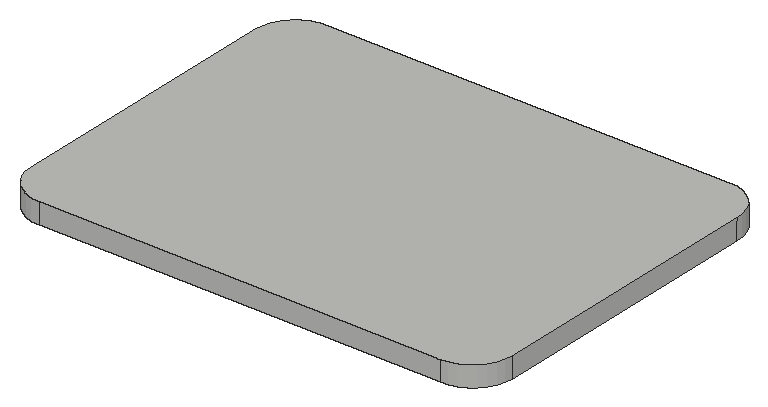
Revit family "Storage-Beam_Mounted-JNBBW_Shelf-Teknion-R20151", category Furniture Systems, Revit 2015
Parameters (values of type "18" Depth")
  Width [instance] = 24.000"
  Warranty = "http://www.teknion.com/ca/papers/legal-canada"
  Unit Weight URL = "http://www.teknion.com/ca/tools/assets#&asset=bee6a381-b954-425e-8283-5a2de3a804f2,f828d448-4b62-4231-9e5f-9a8991c0ed77"
  URL = "www.teknion.com"
  Sustainability Data = "http://www.teknion.com/ca/tools/assets#&topic=216f99a5-57a0-44fc-b10a-9dee9b29ae4c&asset=444deb64-fe58-4b68-981e-f75e97781df7"
  Shelf Finish [instance] = Source Laminate - Teknion - RV - Very White
  Series = "Expansion Cityline"  # constant formula
  Product Page URL = "http://www.teknion.com/ca/products/product-details?productlineid=9ad2a26e-8e7a-673b-a6c8-ff05004460c4"
  Product Line = "Expansion Cityline"  # constant formula
  Product Documentation Link = "http://www.teknion.com/pricing/expansion-cityline/pdfs/jnbbw_ppg.pdf"
  Part Number = "JNBBW"  # constant formula
  Model = "JNBBW18_"  # constant formula
  Manufacturer Phone = "416-661-3370"  # constant formula
  Manufacturer Fax = "416.661.4586"  # constant formula
  Manufacturer Contact Information = "http://www.teknion.com/ca/contactus"
  Manufacturer Address = "1150 Flint Road, Toronto, ON. M3J 2J5. Canada"  # constant formula
  Manufacturer = "Teknion"  # constant formula
  Description = "Beam-Mounted Shelf, 18\"w"
  Depth = 18.000"
  Available Widths [instance] = "24, 30, 36, 42, 48, 54, 60, 66, 72, 78, and 84 inches."  # constant formula
  Assembly Code = "E2020200"
Reference planes (in)
  plane 1 "Center F/B": y = 0
  plane 2: z = 0
  plane 3 "Center L/R": x = 0
  plane 4 "Top": z = 29.1875
  plane 5: x = -12
  plane 6: y = -9
  plane 7: y = 9
  plane 8: x = 12
  plane 9: z = 28.17175
Forms (in)
  Extrusion 1, solid, material "Source Laminate - Teknion - RV - Very White" <- "Shelf Finish"
    sketch origin (0, 0, 29.1875) x (-1, 0, 0) y (0, -1, 0)
      loop
        line (10, 9) -> (-10, 9)
        arc (-10, 9) -> (-11.41421, 8.41421) -> (-12, 7) r 2
        line (-12, 7) -> (-12, -7)
        arc (-12, -7) -> (-11.41421, -8.41421) -> (-10, -9) r 2
        line (-10, -9) -> (10, -9)
        arc (10, -9) -> (11.41421, -8.41421) -> (12, -7) r 2
        line (12, -7) -> (12, 7)
        arc (12, 7) -> (11.41421, 8.41421) -> (10, 9) r 2
    from 0 to -1.01575
Lines and regions (in)
  Masking region 1
    outline origin (0, 0, 29.1875) x (-1, 0, 0) y (0, -1, 0)
      loop
        line (10, 9) -> (-10, 9)
        arc (-10, 9) -> (-11.41421, 8.41421) -> (-12, 7) r 2
        line (-12, 7) -> (-12, -7)
        arc (-12, -7) -> (-11.41421, -8.41421) -> (-10, -9) r 2
        line (-10, -9) -> (10, -9)
        arc (10, -9) -> (11.41421, -8.41421) -> (12, -7) r 2
        line (12, -7) -> (12, 7)
        arc (12, 7) -> (11.41421, 8.41421) -> (10, 9) r 2
Dimensions and locks (in)
  locked: plane 4 "Top" to level at 29.1875
  equal spacing: plane 6, plane 1 "Center F/B", plane 7
  "Depth": plane 7 to plane 6
  equal spacing: plane 5, plane 3 "Center L/R", plane 8
  "Width": plane 5 to plane 8
  locked: plane 5 to Extrusion 1 sketch curve at 2  (x2)
  locked: Extrusion 1 sketch curve to plane 6 at 2  (x2)
  locked: Extrusion 1 sketch curve to plane 8 at 2  (x2)
  locked: plane 7 to Extrusion 1 sketch curve at 2  (x2)
  locked: plane 4 "Top" to plane 9 at 1.01575
  aligned and locked: level to plane 2
  aligned and locked: plane 5 to Extrusion 1 sketch curve
  aligned and locked: plane 7 to Extrusion 1 sketch curve
  aligned and locked: Extrusion 1 sketch curve to plane 8
  aligned and locked: Extrusion 1 sketch curve to plane 6
  aligned and locked: Extrusion 1 to plane 4 "Top"
  aligned and locked: Extrusion 1 to plane 9
  aligned and locked: Masking region 1 sketch curve to Extrusion 1  (x4)
